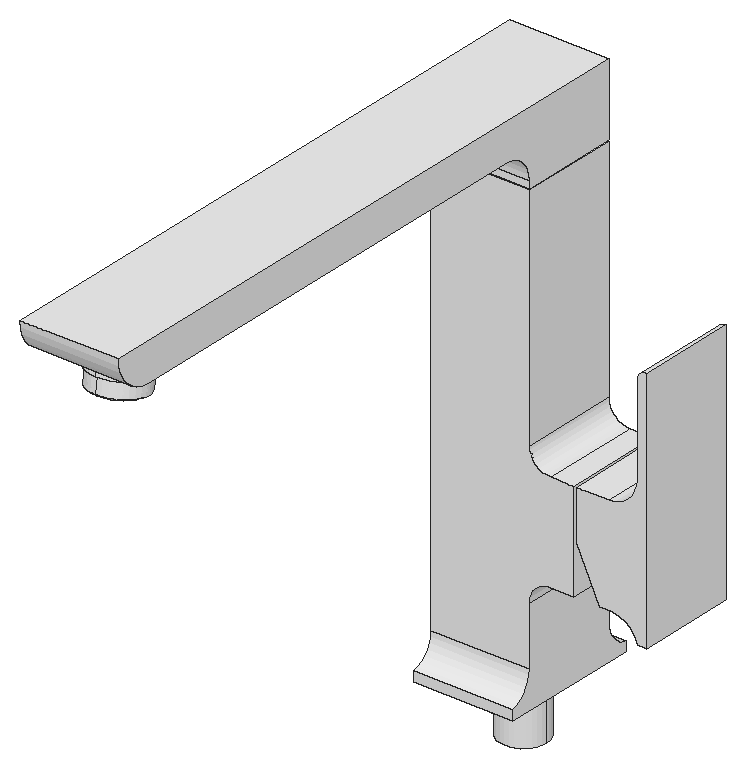
Revit family "Mixer-Sink-Dorf Jovian1", category Plumbing Fixtures, host Face, Revit 2013
Parameters (values of type "Standard")
  Waste Connection = no
  Vent Connection = no
  URL = "http://dorf.com.au/product-ranges/mixer-taps/jovian/jovian-sink-mixer"
  Type Comments = "WELS 4 star rated, 7.5L/min, 35mm cartridge, silicon aerator, 180 degree limited swivel outlet"  # constant formula
  ModifiedIssue_ANZRS = 2013.2  # constant formula
  Model = "2121.044A"  # constant formula
  Material_ANZRS = Metal-Chrome-Caroma
  Manufacturer = "GWA Bathrooms & Kitchens"  # constant formula
  HWFU = 1.98  # constant formula
  HW Connection = yes
  Description = "Dorf Jovian Sink Mixer"  # constant formula
  Default Elevation = 0 mm
  CreatedBy_ANZRS = "Design Content"  # constant formula
  CreatedByURL_ANZRS = "www.designcontent.com.au"
  Cost = 471.64
  Connector Radius = 10 mm
  CWFU = 1.98  # constant formula
  CW Connection = yes
  Assembly Code = "C1030210"
Reference planes
  plane 1 "Center (Front/Back)": y = 0
  plane 2: z = 0
  plane 3 "Center (Left/Right)": x = 0
Forms (mm)
  Extrusion 1, solid, material "Metal-Chrome-Caroma" <- "Material_ANZRS"
    sketch origin (0, 0, 0) x (0, 1, 0) y (0, 0, 1)
      loop
        line (-30, 0) -> (30, 0) -> (30, 4)
        arc (30, 4) -> (23.513, 8.27) -> (21, 15.619) r 12
        line (21, 15.619) -> (21, 198.5) -> (-21, 198.5) -> (-21, 15.619)
        arc (-21, 15.619) -> (-23.513, 8.27) -> (-30, 4) r 12
        line (-30, 4) -> (-30, 0)
      loop
        arc (-32.994, 214.1) -> (-24.513, 210.587) -> (-21, 202.106) r 11.994
        line (-21, 202.106) -> (-21, 199.1) -> (21, 199.1) -> (21, 230.1) -> (-240.003, 230.1)
        arc (-240.003, 230.1) -> (-235.317, 218.786) -> (-224.003, 214.1) r 16
        line (-224.003, 214.1) -> (-32.994, 214.1)
    from -21.016 to 21
  Revolve 2, solid, material "Metal-Chrome-Caroma" <- "Material_ANZRS"
    sketch origin (0, 0, 0) x (0, 1, 0) y (0, 0, 1)
      loop
        line (-200.003, 206.175) -> (-198.361, 217.859) -> (-211.219, 219.666) -> (-213.905, 200.555) -> (-203.004, 199.023) -> (-201.956, 199.459) -> (-200.993, 206.314) -> (-200.003, 206.175)
      axis (-211.229, 219.668) -> (-213.915, 200.556)
    angle from 0 to 360
  Extrusion 3, solid, material "Metal-Chrome-Caroma" <- "Material_ANZRS"
    sketch origin (0, 0, 0) x (1, 0, 0) y (0, 0, 1)
      loop
        line (50.696, 49.993) -> (55.696, 49.993)
        arc (55.696, 49.993) -> (62.765, 47.325) -> (66.9, 41) r 12.177
        line (66.9, 41) -> (70.9, 41) -> (70.9, 146)
        arc (70.9, 146) -> (68.072, 144.828) -> (66.9, 142) r 4
        line (66.9, 142) -> (66.9, 104)
        arc (66.9, 104) -> (63.385, 95.515) -> (54.9, 92) r 12
        line (54.9, 92) -> (40.9, 92) -> (40.9, 71) -> (50.696, 49.993)
    from -21 to 21
  Revolve 4, solid, material "Metal-Chrome-Caroma" <- "Material_ANZRS"
    sketch origin (0, 0, 0) x (1, 0, 0) y (0, 0, 1)
      loop
        line (40, 71) -> (48.392, 71) -> (48.392, 87.066)
        arc (48.392, 87.066) -> (44.327, 88.722) -> (40, 89.462) r 20.244
        line (40, 89.462) -> (40, 71)
      axis (48.392, 71) -> (40, 71)
    angle from 0 to 360
  Extrusion 5, solid, material "Metal-Chrome-Caroma" <- "Material_ANZRS"
    sketch origin (47.09, 0, 0) x (1, 0, 0) y (0, 0, 1)
      loop
        line (-7.09, 92) -> (-17.09, 92)
        arc (-17.09, 92) -> (-23.454, 94.636) -> (-26.09, 101) r 9
        line (-26.09, 101) -> (-26.09, 41)
        arc (-26.09, 41) -> (-23.454, 47.364) -> (-17.09, 50) r 9
        line (-17.09, 50) -> (-7.09, 50) -> (-7.09, 92)
    from -21 to 21
  Extrusion 6, solid, material "Metal-Chrome-Caroma" <- "Material_ANZRS"
    sketch origin (14.2, 0, 0) x (1, 0, 0) y (0, 1, 0)
      loop
        circle (-7.071, -7.071) r 10
    from -20 to 0
  Extrusion 7, solid, material "Metal-Chrome-Caroma" <- "Material_ANZRS"
    sketch origin (-14.2, 0, 0) x (-1, 0, 0) y (0, -1, 0)
      loop
        circle (-7.071, -7.071) r 10
    from -20 to 0
Cuts and joins
  joined: Extrusion 3, Revolve 4
  joined: Extrusion 1, Extrusion 5
Lines and regions (mm)
  Masking region 1
    outline origin (0, 0, 0) x (0, 1, 0) y (0, 0, 1)
      loop
        line (30, 0) -> (30, 4)
        arc (30, 4) -> (23.513, 8.27) -> (21, 15.619) r 12
        line (21, 15.619) -> (21, 230.1) -> (-240.003, 230.1)
        arc (-240.003, 230.1) -> (-235.709, 219.192) -> (-225.132, 214.14) r 16
        line (-225.132, 214.14) -> (-225.743, 209.792) -> (-224.753, 209.653) -> (-225.716, 202.798) -> (-224.829, 202.09) -> (-203.004, 199.023) -> (-201.956, 199.459) -> (-200.993, 206.314) -> (-200.003, 206.175) -> (-198.889, 214.1) -> (-32.994, 214.1)
        arc (-32.994, 214.1) -> (-24.513, 210.587) -> (-21, 202.106) r 11.994
        line (-21, 202.106) -> (-21, 15.619)
        arc (-21, 15.619) -> (-23.513, 8.27) -> (-30, 4) r 12
        line (-30, 4) -> (-30, 0) -> (30, 0)
  Masking region 2
    outline origin (0, 0, 0) x (1, 0, 0) y (0, 0, 1)
      loop
        line (-21.016, 0) -> (21, 0) -> (21, 41)
        arc (21, 41) -> (23.636, 47.364) -> (30, 50) r 9
        line (30, 50) -> (40, 50) -> (40, 52.538)
        arc (40, 52.538) -> (44.32, 53.3) -> (48.395, 54.927) r 21.415
        line (48.395, 54.927) -> (50.696, 49.993) -> (55.696, 49.993)
        arc (55.696, 49.993) -> (62.765, 47.325) -> (66.9, 41) r 12.177
        line (66.9, 41) -> (70.9, 41) -> (70.9, 146)
        arc (70.9, 146) -> (68.072, 144.828) -> (66.9, 142) r 4
        line (66.9, 142) -> (66.9, 104)
        arc (66.9, 104) -> (63.385, 95.515) -> (54.9, 92) r 12
        line (54.9, 92) -> (40.9, 92) -> (40.9, 89.387) -> (40, 89.462) -> (40, 92) -> (30, 92)
        arc (30, 92) -> (23.636, 94.636) -> (21, 101) r 9
        line (21, 101) -> (21, 230.1) -> (-21.016, 230.1) -> (-21.016, 0)
  Masking region 3
    outline origin (0, 0, 0) x (1, 0, 0) y (0, 1, 0)
      loop
        line (-21.016, 30) -> (-21.016, -240.003) -> (21, -240.003) -> (21, -21) -> (40, -21) -> (40, -18.462) -> (40.9, -18.387) -> (40.9, -21) -> (70.9, -21) -> (70.9, 21) -> (40.9, 21) -> (40.9, 18.387) -> (40, 18.462) -> (40, 21) -> (21, 21) -> (21, 30) -> (-21.016, 30)
  symbolic lines
    curve 1: line (0, -200.003, 206.175) -> (0, -225.743, 209.792)
    curve 2: line (0, -225.716, 202.798) -> (0, -201.956, 199.459)
    curve 3: line (0, -224.003, 214.1) -> (0, -131.997, 214.1)
    curve 4: arc (0, -240.003, 230.1) -> (0, -235.317, 218.786) -> (0, -224.003, 214.1) r 16
    curve 5: line (21, 0, 4) -> (-21.016, 0, 4)
    curve 6: line (21, 0, 214.058) -> (-21.016, 0, 214.058)
    curve 7: line (21, 0, 230.058) -> (-21.016, 0, 230.058)
    curve 8: line (-21.016, 0, 198.5) -> (21, 0, 198.5)
    curve 9: spline (0, 0, 202.09) -> (-2.852, 0, 202.038) -> (-5.51, 0, 201.885) -> (-7.792, 0, 201.641) -> (-9.543, 0, 201.323) -> (-10.644, 0, 200.954) -> (-11.02, 0, 200.557) -> (-10.644, 0, 200.16) -> (-9.543, 0, 199.79) -> (-7.792, 0, 199.472) -> (-5.51, 0, 199.228) -> (-2.852, 0, 199.075) -> (0, 0, 199.023)
    curve 10: spline (0, 0, 199.023) -> (2.852, 0, 199.075) -> (5.51, 0, 199.228) -> (7.792, 0, 199.472) -> (9.543, 0, 199.79) -> (10.644, 0, 200.16) -> (11.02, 0, 200.557) -> (10.644, 0, 200.954) -> (9.543, 0, 201.323) -> (7.792, 0, 201.641) -> (5.51, 0, 201.885) -> (2.852, 0, 202.038) -> (0, 0, 202.09)
    curve 11: spline (0, 0, 202.798) -> (-1.972, 0, 202.775) -> (-3.89, 0, 202.708) -> (-5.703, 0, 202.597) -> (-7.36, 0, 202.447) -> (-8.818, 0, 202.26) -> (-10.035, 0, 202.043) -> (-10.979, 0, 201.801) -> (-11.625, 0, 201.541) -> (-11.954, 0, 201.269) -> (-11.958, 0, 200.994) -> (-11.636, 0, 200.722) -> (-10.998, 0, 200.462)
    curve 12: spline (10.998, 0, 200.462) -> (11.636, 0, 200.722) -> (11.958, 0, 200.994) -> (11.954, 0, 201.269) -> (11.625, 0, 201.541) -> (10.979, 0, 201.801) -> (10.035, 0, 202.043) -> (8.818, 0, 202.26) -> (7.36, 0, 202.447) -> (5.703, 0, 202.597) -> (3.89, 0, 202.708) -> (1.972, 0, 202.775) -> (0, 0, 202.798)
    curve 13: spline (0, 0, 209.653) -> (1.566, 0, 209.639) -> (3.105, 0, 209.596) -> (4.591, 0, 209.526) -> (5.998, 0, 209.43) -> (7.303, 0, 209.308) -> (8.483, 0, 209.164) -> (9.518, 0, 209) -> (10.389, 0, 208.818) -> (11.083, 0, 208.623) -> (11.588, 0, 208.416) -> (11.894, 0, 208.202) -> (11.997, 0, 207.984)
    curve 14: spline (0, 0, 209.792) -> (-2.119, 0, 209.768) -> (-4.182, 0, 209.696) -> (-6.132, 0, 209.578) -> (-7.919, 0, 209.418) -> (-9.493, 0, 209.219) -> (-10.814, 0, 208.987) -> (-11.844, 0, 208.728) -> (-12.558, 0, 208.449) -> (-12.936, 0, 208.158) -> (-12.967, 0, 207.862) -> (-12.651, 0, 207.569) -> (-11.997, 0, 207.288)
    curve 15: spline (11.997, 0, 207.288) -> (12.651, 0, 207.569) -> (12.967, 0, 207.862) -> (12.936, 0, 208.158) -> (12.558, 0, 208.449) -> (11.844, 0, 208.728) -> (10.814, 0, 208.987) -> (9.493, 0, 209.219) -> (7.919, 0, 209.418) -> (6.132, 0, 209.578) -> (4.182, 0, 209.696) -> (2.119, 0, 209.768) -> (0, 0, 209.792)
    curve 16: line (-12.996, 0, 207.984) -> (-12.996, 0, 214.058)
    curve 17: line (12.996, 0, 207.984) -> (12.996, 0, 214.058)
    curve 18: line (-11.997, 0, 201.128) -> (-11.997, 0, 207.984)
    curve 19: line (11.997, 0, 201.128) -> (11.997, 0, 207.984)
    curve 20: spline (0, 0, 209.653) -> (-1.566, 0, 209.639) -> (-3.105, 0, 209.596) -> (-4.591, 0, 209.526) -> (-5.998, 0, 209.43) -> (-7.303, 0, 209.308) -> (-8.483, 0, 209.164) -> (-9.518, 0, 209) -> (-10.389, 0, 208.818) -> (-11.083, 0, 208.623) -> (-11.588, 0, 208.416) -> (-11.894, 0, 208.202) -> (-11.997, 0, 207.984)
    curve 21: line (-21.016, 21, 0) -> (21, 21, 0)
    curve 22: line (0, -21, 199.1) -> (0, 21, 199.1)
    curve 23: line (0, 21, 198.5) -> (0, -21, 198.5)
    curve 24: line (-21.016, 0, 199.1) -> (21, 0, 199.1)
    curve 25: line (40.9, 0, 71) -> (50.696, 0, 49.993)
    curve 26: line (40.9, 0, 92) -> (40.9, 0, 71)
    curve 27: line (40, 0, 50) -> (40, 0, 92)
    curve 28: line (40, -21, 0) -> (40, 21, 0)
    curve 29: line (40.9, 21, 0) -> (40.9, -21, 0)
    curve 30: line (66.9, 21, 0) -> (66.9, -21, 0)
Dimensions and locks
  aligned and locked: plane 2 to host face
  aligned and locked: level to host face
Connectors
  piping at (7.129, -7.071, -20), driven by "Connector Radius", driven by "CWFU"
    settings: on Extrusion 6, index 5, connector radius 0.3937", flow factor 0, pipe flow 0 GPM, pressure drop 0.00 psi, fitting loss kfactor 0, connector angle 0.00°, fixture units 1.98, engagement length 0 mm, flow configuration 3, flow direction 1, fitting loss method 1, system type 20, joint type 0, gender type 0, connector reference index -1, connector utility 0, adjustable connector no, is connector primary yes, fitting loss table "Outlet", connector description "Cold Inlet"
  piping at (-7.129, 7.071, -20), driven by "Connector Radius", driven by "HWFU"
    settings: on Extrusion 7, index 6, connector radius 0.3937", flow factor 0, pipe flow 0 GPM, pressure drop 0.00 psi, fitting loss kfactor 0, connector angle 0.00°, fixture units 1.98, engagement length 0 mm, flow configuration 3, flow direction 1, fitting loss method 1, system type 19, joint type 0, gender type 0, connector reference index -1, connector utility 0, adjustable connector no, is connector primary no, fitting loss table "Outlet", connector description "Hot Inlet"
